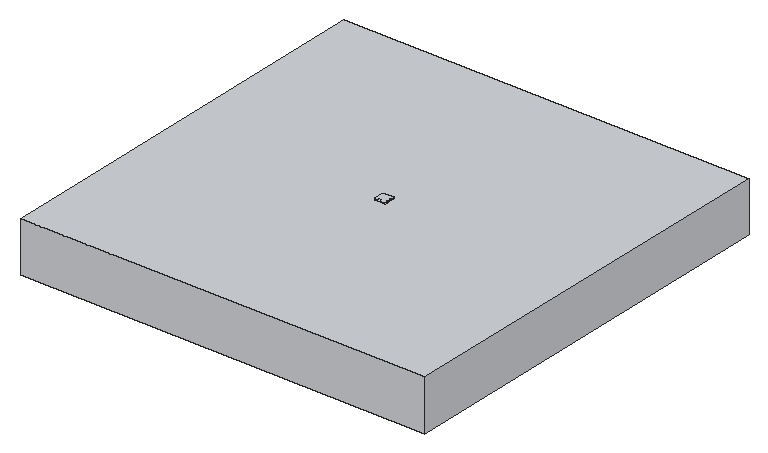
Revit family "Gira_004600rfa", category Allgemeines Modell, Revit 2017
Family settings
  Basisbauteil = Fläche
  Kann Basisbauteil für Bewehrung sein = Nein
  Bemaßung runder Anschluss = Durchmesser verwenden
  Teiletyp = Normal
  Beim Laden mit Abzugskörper schneiden = Nein
  Gemeinsam genutzt = Nein
  Raumberechnungspunkt = Nein
Parameters
  With memory function = no
  With glass breaking detector connection = no
  With brightness sensor connection = no
  With Astro program = no
  Default Elevation = 1219.2 mm
  URL = "https://www.gira.de/"
  Typname = "Antenna sock. EDU 04 F Insert"
  Type of fastening = "Screwing"
  Transparent = no
  Through loss at 860 MHz [B] = 0.1
  Through loss at 2150 MHz [B] = 0.1
  Switch-off protection = no
  Surface protection = "Other"
  Surface finishing = "Not applicable"
  Suitable for wind sensor = no
  Suitable for rain sensor = no
  Suitable for degree of protection (IP) = "IP20"
  Substation input = yes
  Shielded housing = no
  Shielded buses = yes
  Separate strain relief = yes
  Random generator = no
  Productwebsite = "http://katalog.gira.de/en/datenblatt.html?artikelnr=004600"
  Nominal voltage [Volt] = 230
  Mounting method shielding connection = "Screw"
  Mounting method = "Flush mounted (plaster)"
  Model = "Loop-through socket"
  Mechanical coding = no
  Max. switching power [Voltampere] = 1000
  Material quality = "Other"
  Material = "Other"
  Integrated timer = no
  Hersteller = "Gira"
  Halogen free = no
  HAN = "004600"
  GTIN = "4010337046004"
  Frequency [Hz] = "[4000000:2400000000]"
  Degree of protection (IP) = "IP20"
  Data sheet = "https://katalog.gira.de/en/download.html?artikelnr=004600"
  Connection type = "Screw"
  Colour = "Other"
  Category = "Other"
  Beschreibung = "Aerial sock.EDU 04 F Ins.,Antenna socket insert (EDU 04 F),,,Features:,- Can be used as a single box.,- The entire signal spectrum from 4 to 2400 MHz is available on both connections.,- Via the TV connection, transferring direct current (max. DC 24 V   500 mA) to a satellite antenna is possible.,,Notes :,- For screw mounting only.,- Important! Observe construction space for plug and bending radii.,- If using with gender changers:,  Not suitable for duct installation or a standard device box.,  Connection with angled plug recommended.,- Installation recommendation:,  Kaiser electronic outlets,  flush-mounted installation: Kaiser Order No.: 1068-02,  hollow-wall installation: Kaiser Order No.: 9062-94,  concrete installation: Kaiser Order No.: 1268-40,- For use in individual antenna systems and for communal antenna systems, area couplers, and satellite house distribution systems on decoupled branch lines."
  BIM = "https://media.stage.bim.site/public/gira/290f3eb/Einsatz_1fach.rfa"
  Assembly arrangement = "Basic element"
Reference planes
  plane 1 "Center (Front/Back)": y = 0
  plane 2: z = 0
  plane 3 "Center (Left/Right)": x = 0
Forms (mm)
  Extrusion 1, solid
    sketch origin (0, 0, 0) x (1, 0, 0) y (0, 1, 0)
      loop
        line (-1219.2, 1219.2) -> (-1219.2, -1219.2) -> (1219.2, -1219.2) -> (1219.2, 1219.2) -> (-1219.2, 1219.2)
    from 0 to -304.8
  Extrusion 2, solid, detail levels fine
    sketch origin (0, 0, 0) x (1, 0, 0) y (0, 1, 0)
      loop
        line (27.475, 35.475) -> (-27.475, 35.475)
        arc (-27.475, 35.475) -> (-33.132, 33.132) -> (-35.475, 27.475) r 8
        line (-35.475, 27.475) -> (-35.475, -27.475)
        arc (-35.475, -27.475) -> (-33.132, -33.132) -> (-27.475, -35.475) r 8
        line (-27.475, -35.475) -> (27.475, -35.475)
        arc (27.475, -35.475) -> (33.132, -33.132) -> (35.475, -27.475) r 8
        line (35.475, -27.475) -> (35.475, 27.475)
        arc (35.475, 27.475) -> (33.132, 33.132) -> (27.475, 35.475) r 8
    from 0 to 1.8
  Extrusion 3, solid, detail levels fine
    sketch origin (0, 0, 0) x (1, 0, 0) y (0, 1, 0)
      loop
        line (9.678, 25.4) -> (-9.678, 25.4)
        arc (-9.678, 25.4) -> (-12.885, 24.922) -> (-15.814, 23.53) r 11
        arc (-15.814, 23.53) -> (-17.795, 22.07) -> (-19.641, 20.444) r 28.35
        arc (-19.641, 20.444) -> (-21.339, 18.665) -> (-22.876, 16.745) r 28.35
        arc (-22.876, 16.745) -> (-24.456, 13.666) -> (-25, 10.248) r 11
        line (-25, 10.248) -> (-25, -10.248)
        arc (-25, -10.248) -> (-24.456, -13.666) -> (-22.876, -16.745) r 11
        arc (-22.876, -16.745) -> (-20.409, -19.677) -> (-17.569, -22.25) r 28.35
        line (-17.569, -22.25) -> (17.569, -22.25)
        arc (17.569, -22.25) -> (20.409, -19.677) -> (22.876, -16.745) r 28.35
        arc (22.876, -16.745) -> (24.456, -13.666) -> (25, -10.248) r 11
        line (25, -10.248) -> (25, 10.248)
        arc (25, 10.248) -> (24.456, 13.666) -> (22.876, 16.745) r 11
        arc (22.876, 16.745) -> (21.593, 18.37) -> (20.195, 19.897) r 28.35
        arc (20.195, 19.897) -> (18.096, 21.823) -> (15.814, 23.53) r 28.35
        arc (15.814, 23.53) -> (12.885, 24.922) -> (9.678, 25.4) r 11
    from 0 to -22
  Extrusion 4, solid, detail levels medium
    sketch origin (0, 0, 0) x (1, 0, 0) y (0, 1, 0)
      loop
        line (-25, 25.4) -> (-25, -22.25) -> (25, -22.25) -> (25, 25.4) -> (-25, 25.4)
    from 0 to -22
  Extrusion 5, solid, detail levels coarse
    sketch origin (0, 0, 0) x (1, 0, 0) y (0, 1, 0)
      loop
        line (35.475, 35.475) -> (-35.475, 35.475) -> (-35.475, -35.475) -> (35.475, -35.475) -> (35.475, 35.475)
    from -22 to 1.8
  Extrusion 6, solid, detail levels medium
    sketch origin (0, 0, 0) x (1, 0, 0) y (0, 1, 0)
      loop
        line (35.475, 35.475) -> (-35.475, 35.475) -> (-35.475, -35.475) -> (35.475, -35.475) -> (35.475, 35.475)
    from 0 to 1.8
Dimensions and locks
  aligned and locked: plane 2 to Extrusion 1
  aligned and locked: level to Extrusion 1
Connectors
  electrical at (0, 0, -22)
    settings: on Extrusion 5, index 1, voltage 220 V, apparent load 0 VA, apparent load phase1 0 VA, apparent load phase2 0 VA, apparent load phase3 0 VA, power factor 1, load classification "Other", number of poles 1, system type 30, power factor state 1, is connector primary yes, connector utility no, sub classification motor no, connector description ""
